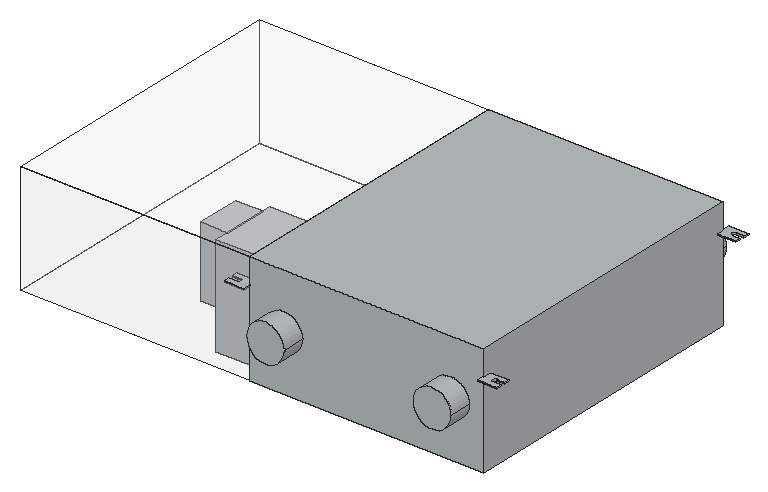
Revit family "lgh-n15_100rxw_rxv(d)-c_60Hz", category 機械設備, Revit 2019
Family settings
  丸型コネクタ寸法 = 直径を使用
  パーツ タイプ = 標準
  OmniClass 番号 = 23.75.10.34.21
  OmniClass タイトル = Heat Exchangers for Ventilation Air
  作業面ベース = いいえ
  常に垂直 = はい
  ロード時にボイドで切り取り = いいえ
  共有 = いいえ
  部屋計算ポイント = はい
Parameters (values of type "LGH-N15RXW-C_100V")
  騒音レベル(dB(A)) = 31
  風量 = 150.0 m³/h
  面風速 = 5.31 m/s
  電源種別 [instance] = "一般"
  電圧 = 100 V
  電動機出力 = 0 W
  集中コントローラ = ""
  運転質量 = 0.00 kg
  連動 [instance] = ""
  質量 = if(製品質量 > 運転質量, 製品質量, 運転質量) * 1.2  # 27.60 kg
  負荷分類 = 3_ファン類
  説明 = "業務用ロスナイ 天井埋込形 DCマイコン CO2センサー付"
  設計風量 = 0.0 m³/h
  設置方法 = "天井吊(隠ぺい)形"
  記号 [instance] = ""
  製造元 = "三菱電機株式会社"
  製品質量 = 23.00 kg
  製品出荷対象 = "国内"
  製品リリース年月 = "2020/10/1"
  製品グループ = ""
  系統 [instance] = ""
  符号 = "HEU"
  積算_科目 = "1 空気調和設備"
  積算_拾い区分 [instance] = ""
  相 = 1
  盤記号 [instance] = ""
  発停方法 [instance] = "別売リモコン"
  特殊仕様 [instance] = ""
  点検口高さ = -Height  # -290 mm
  点検口離隔 = 150 mm
  点検口_Depth = 450 mm
  点検口 = yes
  火災停止 [instance] = ""
  温度交換効率 = 74.00%
  消費電力 = 85 W
  法定耐用年数 = "15"
  機外静圧_排気 = 210.0 Pa
  機外静圧 = 210.0 Pa
  極数 = 2
  材質 [instance] = ""
  本体マテリアル = 溶融亜鉛めっき鋼板
  操作・制御方式 = ""
  操作・制御スイッチ = ""
  排気量 = 0.0 m³/h
  形式 = "天井埋込ダクト形"
  幹線記号 [instance] = ""
  対象室 [instance] = ""
  実風量 = 0.0 m³/h
  始動方式 [instance] = "直入"
  天吊金具_径 = 6.5 mm
  天吊金具_幅 = 20 mm
  外気量 = 0.0 m³/h
  呼称 = "全熱交換ユニット"
  周波数 = 60 Hz
  天吊金具ピッチ2 = 780 mm
  天吊金具ピッチ1 = 670 mm
  天吊金具_高さ = 65 mm
  参照している仕様書等のバージョン = "公共建築工事標準仕様書（機械設備工事編）平成31年度版"
  初期抵抗 = 0.0 Pa
  分類コード = "50052504100070"
  分類グループ = ""
  価格 = 402200
  企業コード = "108420"
  付属品_フィルター_還気 = ""
  付属品_フィルター = ""
  付属品 [instance] = ""
  仕様書バージョン = "Version1.0"
  モデル = "LGH-N15RXW-C"
  メンテナンススペース = yes
  コメント [instance] = ""
  Keynote = ""
  エンタルピ交換効率_暖房 = 75.50%
  エンタルピ交換効率_冷房 = 64.50%
  Assembly Code = ""
  Width = 610 mm
  Version = ""
  Uniclass2015Version = "Systems v1.9"
  Uniclass2015Title = "Thermal wheels"
  Uniclass2015Code = "Pr_60_60_36_88"
  URL = "https://www.mitsubishielectric.co.jp/ldg/wink/ssl/displayProduct.do?pid=309797"
  SpecificationReference = ""
  SpecificationDescription = ""
  Sensor_Width = 184 mm
  Sensor_D = 69 mm
  Sensor_Height = 183 mm
  Sensor_H = 14 mm
  Sensor_Depth = 115 mm
  SMAX風量 = 150.0 m³/h
  SMAX静圧 = 210.0 Pa
  SAサイズ_D = 97.5 mm
  Revision = ""
  RAサイズ_D = 97.5 mm
  ProductInformation = ""
  OmniClassCode = "23-27 23 19 11"
  OAダクト接続口方向_標準 = yes
  OAダクト接続口方向_変更 = not(OAダクト接続口方向_標準)  # no
  OAサイズ_W = 0 mm
  OAサイズ_D = 97.5 mm
  MIN風量 = 66.0 m³/h
  MIN静圧 = 35.0 Pa
  MID風量 = 108.0 m³/h
  MID静圧 = 93.0 Pa
  MAX風量 = 150.0 m³/h
  MAX静圧 = 180.0 Pa
  IfcTypeProduct = ""
  IfcProduct = ""
  IfcExportType = "ROTARYWHEEL"
  IfcExportAs = "IfcAirToAirHeatRecoveryType"
  Height = 290 mm
  EAダクト接続口方向_変更 = not(EAダクト接続口方向_標準)  # no
  EAダクト接続口方向_標準 = yes
  EAサイズ_W = 0 mm
  EAサイズ_D = 97.5 mm
  Duct_Pitch = 435 mm
  Duct_Height = 145 mm
  Duct_Depth = 59 mm
  DuctChange_Center = 118 mm
  Depth = 780 mm
  Clearance Top = 0 mm
  Clearance Left = 600 mm
  Clearance Bottom = 0 mm
  Box_Width = 115 mm
  Box_Height = 261 mm
  Box_H = 15 mm
  Box_Depth = 175 mm
  Box_D = 33 mm
  Author = "三菱電機株式会社"
Types (14, lengths in mm): name | 騒音レベル(dB(A)) | 風量 | 面風速 | 電圧 | 質量 | 製品質量 | 点検口高さ | 温度交換効率 | 消費電力 | 機外静圧_排気 | 機外静圧 | 極数 | 天吊金具ピッチ2 | 天吊金具ピッチ1 | 天吊金具_高さ | 参照している仕様書等のバージョン | 価格 | モデル | エンタルピ交換効率_暖房 | エンタルピ交換効率_冷房 | Width | URL | Sensor_D | Sensor_H | SMAX風量 | SMAX静圧 | SAサイズ_D | RAサイズ_D | OAサイズ_D | MIN風量 | MIN静圧 | MID風量 | MID静圧 | MAX風量 | MAX静圧 | Height | EAサイズ_D | Duct_Pitch | Duct_Height | Duct_Depth | DuctChange_Center | Depth | Box_H | Box_D
  LGH-N15RXW-C_100V | 31 | 150.0 m³/h | 5.31 m/s | 100 V | 27.60 kg | 23.00 kg | -290 | 74.00% | 85 W | 210.0 Pa | 210.0 Pa | 2 | 780 | 670 | 65 | "公共建築工事標準仕様書（機械設備工事編）平成31年度版" | 402200 | "LGH-N15RXW-C" | 75.50% | 64.50% | 610 | "https://www.mitsubishielectric.co.jp/ldg/wink/ssl/displayProduct.do?pid=309797" | 69 | 14 | 150.0 m³/h | 210.0 Pa | 97.5 | 97.5 | 97.5 | 66.0 m³/h | 35.0 Pa | 108.0 m³/h | 93.0 Pa | 150.0 m³/h | 180.0 Pa | 290 | 97.5 | 435 | 145 | 59 | 118 | 780 | 15 | 33
  LGH-N15RXW-C_200V | 31 | 150.0 m³/h | 5.31 m/s | 200 V | 27.60 kg | 23.00 kg | -290 | 74.00% | 85 W | 210.0 Pa | 210.0 Pa | 3 | 780 | 670 | 65 | "公共建築工事標準仕様書（機械設備工事編）平成31年度版" | 402200 | "LGH-N15RXW-C" | 75.50% | 64.50% | 610 | "https://www.mitsubishielectric.co.jp/ldg/wink/ssl/displayProduct.do?pid=309797" | 69 | 14 | 150.0 m³/h | 210.0 Pa | 97.5 | 97.5 | 97.5 | 66.0 m³/h | 35.0 Pa | 108.0 m³/h | 93.0 Pa | 150.0 m³/h | 180.0 Pa | 290 | 97.5 | 435 | 145 | 59 | 118 | 780 | 15 | 33
  LGH-N25RXW-C_100V | 30 | 250.0 m³/h | 3.93 m/s | 100 V | 28.80 kg | 24.00 kg | -290 | 70.00% | 110 W | 170.0 Pa | 170.0 Pa | 2 | 780 | 795 | 65 | "公共建築工事標準仕様書（機械設備工事編）平成31年度版" | 422200 | "LGH-N25RXW-C" | 73.00% | 63.00% | 735 | "https://www.mitsubishielectric.co.jp/ldg/wink/ssl/displayProduct.do?pid=309793" | 69 | 14 | 250.0 m³/h | 170.0 Pa | 142 | 142 | 142 | 110.0 m³/h | 28.0 Pa | 180.0 m³/h | 75.0 Pa | 250.0 m³/h | 145.0 Pa | 290 | 142 | 520 | 145 | 69 | 118 | 780 | 15 | 33
  LGH-N25RXW-C_200V | 30 | 250.0 m³/h | 3.93 m/s | 200 V | 28.80 kg | 24.00 kg | -290 | 70.00% | 110 W | 170.0 Pa | 170.0 Pa | 3 | 780 | 795 | 65 | "公共建築工事標準仕様書（機械設備工事編）平成31年度版" | 422200 | "LGH-N25RXW-C" | 73.00% | 63.00% | 735 | "https://www.mitsubishielectric.co.jp/ldg/wink/ssl/displayProduct.do?pid=309793" | 69 | 14 | 250.0 m³/h | 170.0 Pa | 142 | 142 | 142 | 110.0 m³/h | 28.0 Pa | 180.0 m³/h | 75.0 Pa | 250.0 m³/h | 145.0 Pa | 290 | 142 | 520 | 145 | 69 | 118 | 780 | 15 | 33
  LGH-N35RXW-C_100V | 33 | 350.0 m³/h | 5.5 m/s | 100 V | 39.60 kg | 33.00 kg | -330 | 71.50% | 210 W | 300.0 Pa | 300.0 Pa | 2 | 890 | 935 | 70 | "公共建築工事標準仕様書（機械設備工事編）平成31年度版" | 445200 | "LGH-N35RXW-C" | 74.50% | 65.50% | 875 | "https://www.mitsubishielectric.co.jp/ldg/wink/ssl/displayProduct.do?pid=309794" | 104 | 22 | 350.0 m³/h | 300.0 Pa | 142 | 142 | 142 | 154.0 m³/h | 36.0 Pa | 252.0 m³/h | 96.0 Pa | 350.0 m³/h | 185.0 Pa | 330 | 142 | 600 | 165 | 69 | 140 | 890 | 23 | 68
  LGH-N35RXW-C_200V | 33 | 350.0 m³/h | 5.5 m/s | 200 V | 39.60 kg | 33.00 kg | -330 | 71.50% | 210 W | 300.0 Pa | 300.0 Pa | 3 | 890 | 935 | 70 | "公共建築工事標準仕様書（機械設備工事編）平成31年度版" | 445200 | "LGH-N35RXW-C" | 74.50% | 65.50% | 875 | "https://www.mitsubishielectric.co.jp/ldg/wink/ssl/displayProduct.do?pid=309794" | 104 | 22 | 350.0 m³/h | 300.0 Pa | 142 | 142 | 142 | 154.0 m³/h | 36.0 Pa | 252.0 m³/h | 96.0 Pa | 350.0 m³/h | 185.0 Pa | 330 | 142 | 600 | 165 | 69 | 140 | 890 | 23 | 68
  LGH-N50RXW-C_100V | 37 | 500.0 m³/h | 4.42 m/s | 100 V | 44.40 kg | 37.00 kg | -330 | 71.00% | 315 W | 310.0 Pa | 310.0 Pa | 2 | 890 | 1080 | 70 | "公共建築工事標準仕様書（機械設備工事編）平成31年度版" | 503200 | "LGH-N50RXW-C" | 73.00% | 63.00% | 1020 | "https://www.mitsubishielectric.co.jp/ldg/wink/ssl/displayProduct.do?pid=309795" | 104 | 22 | 500.0 m³/h | 310.0 Pa | 192 | 192 | 192 | 220.0 m³/h | 37.0 Pa | 360.0 m³/h | 98.0 Pa | 500.0 m³/h | 190.0 Pa | 330 | 192 | 700 | 165 | 84 | 130 | 890 | 23 | 68
  LGH-N50RXW-C_200V | 37 | 500.0 m³/h | 4.42 m/s | 200 V | 44.40 kg | 37.00 kg | -330 | 71.00% | 315 W | 310.0 Pa | 310.0 Pa | 3 | 890 | 1080 | 70 | "公共建築工事標準仕様書（機械設備工事編）平成31年度版" | 503200 | "LGH-N50RXW-C" | 73.00% | 63.00% | 1020 | "https://www.mitsubishielectric.co.jp/ldg/wink/ssl/displayProduct.do?pid=309795" | 104 | 22 | 500.0 m³/h | 310.0 Pa | 192 | 192 | 192 | 220.0 m³/h | 37.0 Pa | 360.0 m³/h | 98.0 Pa | 500.0 m³/h | 190.0 Pa | 330 | 192 | 700 | 165 | 84 | 130 | 890 | 23 | 68
  LGH-N65RXW-C_100V | 40 | 650.0 m³/h | 5.75 m/s | 100 V | 51.60 kg | 43.00 kg | -404 | 71.50% | 445 W | 320.0 Pa | 320.0 Pa | 2 | 984 | 952 | 76 | "公共建築工事標準仕様書（機械設備工事編）平成31年度版" | 608200 | "LGH-N65RXW-C" | 72.00% | 63.00% | 892 | "https://www.mitsubishielectric.co.jp/ldg/wink/ssl/displayProduct.do?pid=309796" | 107 | 56 | 650.0 m³/h | 320.0 Pa | 192 | 192 | 192 | 286.0 m³/h | 45.0 Pa | 468.0 m³/h | 119.0 Pa | 650.0 m³/h | 230.0 Pa | 404 | 192 | 620 | 202 | 84 | 122 | 984 | 57 | 71
  LGH-N65RXW-C_200V | 40 | 650.0 m³/h | 5.75 m/s | 200 V | 51.60 kg | 43.00 kg | -404 | 71.50% | 445 W | 320.0 Pa | 320.0 Pa | 3 | 984 | 952 | 76 | "公共建築工事標準仕様書（機械設備工事編）平成31年度版" | 608200 | "LGH-N65RXW-C" | 72.00% | 63.00% | 892 | "https://www.mitsubishielectric.co.jp/ldg/wink/ssl/displayProduct.do?pid=309796" | 107 | 56 | 650.0 m³/h | 320.0 Pa | 192 | 192 | 192 | 286.0 m³/h | 45.0 Pa | 468.0 m³/h | 119.0 Pa | 650.0 m³/h | 230.0 Pa | 404 | 192 | 620 | 202 | 84 | 122 | 984 | 57 | 71
  LGH-N80RXV-C | 40 | 800.0 m³/h | 4.53 m/s | 100 V | 63.60 kg | 53.00 kg | -404 | 73.00% | 540 W | 310.0 Pa | 310.0 Pa | 2 | 1144 | 1064 | 76 | "公共建築工事標準仕様書（機械設備工事編）平成31年度版" | 688200 | "LGH-N80RXV-C" | 75.00% | 65.00% | 1004 | "https://www.mitsubishielectric.co.jp/ldg/wink/ssl/displayProduct.do?pid=309787" | 182 | 87 | 800.0 m³/h | 310.0 Pa | 242 | 242 | 242 | 352.0 m³/h | 37.0 Pa | 576.0 m³/h | 98.0 Pa | 800.0 m³/h | 190.0 Pa | 404 | 242 | 690 | 202 | 84 | 165 | 1144 | 88 | 146
  LGH-N80RXVD-C | 40 | 800.0 m³/h | 4.53 m/s | 200 V | 63.60 kg | 53.00 kg | -404 | 73.00% | 540 W | 310.0 Pa | 310.0 Pa | 3 | 1144 | 1064 | 76 | "公共建築工事標準仕様書（機械設備工事編）平成31年度版" | 688200 | "LGH-N80RXVD-C" | 75.00% | 65.00% | 1004 | "https://www.mitsubishielectric.co.jp/ldg/wink/ssl/displayProduct.do?pid=309791" | 182 | 87 | 800.0 m³/h | 310.0 Pa | 242 | 242 | 242 | 352.0 m³/h | 37.0 Pa | 576.0 m³/h | 98.0 Pa | 800.0 m³/h | 190.0 Pa | 404 | 242 | 690 | 202 | 84 | 165 | 1144 | 88 | 146
  LGH-N100RXV-C | 38 | 1000.0 m³/h | 5.66 m/s | 100 V | 69.60 kg | 58.00 kg | -404 | 73.00% | 580 W | 225.0 Pa | 225.0 Pa | 2 | 1144 | 1291 | 76 | "" | 757200 | "LGH-N100RXV-C" | 75.00% | 65.00% | 1231 | "https://www.mitsubishielectric.co.jp/ldg/wink/ssl/displayProduct.do?pid=309788" | 182 | 87 | 1000.0 m³/h | 225.0 Pa | 242 | 242 | 242 | 440.0 m³/h | 32.0 Pa | 720.0 m³/h | 86.0 Pa | 1000.0 m³/h | 165.0 Pa | 404 | 242 | 917 | 202 | 84 | 165 | 1144 | 88 | 146
  LGH-N100RXVD-C | 38 | 1000.0 m³/h | 5.66 m/s | 200 V | 69.60 kg | 58.00 kg | -404 | 73.00% | 580 W | 225.0 Pa | 225.0 Pa | 3 | 1144 | 1291 | 76 | "" | 757200 | "LGH-N100RXVD-C" | 75.00% | 65.00% | 1231 | "https://www.mitsubishielectric.co.jp/ldg/wink/ssl/displayProduct.do?pid=309789" | 182 | 87 | 1000.0 m³/h | 225.0 Pa | 242 | 242 | 242 | 440.0 m³/h | 32.0 Pa | 720.0 m³/h | 86.0 Pa | 1000.0 m³/h | 165.0 Pa | 404 | 242 | 917 | 202 | 84 | 165 | 1144 | 88 | 146
Reference planes
  plane 1 "中心(正面/背面)": y = 0
  plane 2: z = 0
  plane 3 "中心(左/右)": x = 0
  plane 4: x = -305
  plane 5: x = 305
  plane 6: y = 390
  plane 7: y = -390
  plane 8: z = -290
  plane 9: z = -145
  plane 10: x = -217.5
  plane 11: x = 217.5
  plane 12: y = -449
  plane 13: y = 449
  plane 14: y = 272
  plane 15: x = -364
  plane 16: x = 364
  plane 17: x = -905
  plane 18: y = -357
  plane 19: y = -182
  plane 20: z = -15
  plane 21: z = -276
  plane 22: x = -420
  plane 23: x = -455
  plane 24: y = 225
  plane 25: x = -335
  plane 26: x = 335
  plane 27: y = 390
  plane 28: y = -390
  plane 29: y = -225
  plane 30: x = -355
  plane 31: y = 410
  plane 32: y = 370
  plane 33: y = -370
  plane 34: y = -410
  plane 35: z = -5
  plane 36: z = -65
  plane 37: z = -68
  plane 38: x = 355
  plane 39: y = -321
  plane 40: y = -206
  plane 41: z = -14
  plane 42: z = -197
  plane 43: x = -489
  plane 44: z = -290
  plane 45: z = 0
Forms (mm)
  Extrusion 1, solid, material "溶融亜鉛めっき鋼板" <- "本体マテリアル", detail levels fine
    sketch origin (0, 0, 0) x (1, 0, 0) y (0, 1, 0)
      loop
        line (-305, 390) -> (-305, -390) -> (305, -390) -> (305, 390) -> (-305, 390)
    from 0 to -290
  Extrusion 2, solid, material "溶融亜鉛めっき鋼板" <- "本体マテリアル", detail levels fine
    sketch origin (510, -445, 0) x (-1, 0, 0) y (0, 0, -1)
      loop
        circle (292.5, 145) r 48.75
    from -55 to 4
  Extrusion 3, solid, material "溶融亜鉛めっき鋼板" <- "本体マテリアル", detail levels fine
    sketch origin (-305, -390, 0) x (0, 1, 0) y (0, 0, -1)
      loop
        line (208, 15) -> (208, 276) -> (33, 276) -> (33, 15) -> (208, 15)
    from 0 to 115
  Extrusion 4, solid, material "溶融亜鉛めっき鋼板" <- "本体マテリアル", detail levels fine
    sketch origin (0, 0, 0) x (1, 0, 0) y (0, 1, 0)
      loop
        line (-355, 410) -> (-355, 396.5) -> (-335, 396.5)
        arc (-335, 396.5) -> (-328.5, 390) -> (-335, 383.5) r 6.5
        line (-335, 383.5) -> (-355, 383.5) -> (-355, 370) -> (-305, 370) -> (-305, 410) -> (-355, 410)
    from -65 to -68
  Extrusion 5, solid, material "溶融亜鉛めっき鋼板" <- "本体マテリアル", detail levels fine
    sketch origin (0, 0, 0) x (1, 0, 0) y (0, 1, 0)
      loop
        line (-355, -410) -> (-305, -410) -> (-305, -370) -> (-355, -370) -> (-355, -383.5) -> (-335, -383.5)
        arc (-335, -383.5) -> (-328.5, -390) -> (-335, -396.5) r 6.5
        line (-335, -396.5) -> (-355, -396.5) -> (-355, -410)
    from -65 to -68
  Extrusion 6, solid, material "溶融亜鉛めっき鋼板" <- "本体マテリアル", detail levels fine
    sketch origin (0, 0, 0) x (-1, 0, 0) y (0, -1, 0)
      loop
        line (-355, 410) -> (-355, 396.5) -> (-335, 396.5)
        arc (-335, 396.5) -> (-328.5, 390) -> (-335, 383.5) r 6.5
        line (-335, 383.5) -> (-355, 383.5) -> (-355, 370) -> (-305, 370) -> (-305, 410) -> (-355, 410)
    from -65 to -68
  Extrusion 7, solid, material "溶融亜鉛めっき鋼板" <- "本体マテリアル", detail levels fine
    sketch origin (0, 0, 0) x (-1, 0, 0) y (0, -1, 0)
      loop
        line (-355, -410) -> (-305, -410) -> (-305, -370) -> (-355, -370) -> (-355, -383.5) -> (-335, -383.5)
        arc (-335, -383.5) -> (-328.5, -390) -> (-335, -396.5) r 6.5
        line (-335, -396.5) -> (-355, -396.5) -> (-355, -410)
    from -65 to -68
  Extrusion 8, solid, material "溶融亜鉛めっき鋼板" <- "本体マテリアル", visible <- "EAダクト接続口方向_標準", detail levels fine
    sketch origin (510, 445, 0) x (-1, 0, 0) y (0, 0, 1)
      loop
        circle (292.5, -145) r 48.75
    from -55 to 4
  Extrusion 9, solid, material "溶融亜鉛めっき鋼板" <- "本体マテリアル", visible <- "OAダクト接続口方向_標準", detail levels fine
    sketch origin (-510, 445, 0) x (1, 0, 0) y (0, 0, -1)
      loop
        circle (292.5, 145) r 48.75
    from -55 to 4
  Extrusion 10, solid, material "溶融亜鉛めっき鋼板" <- "本体マテリアル", detail levels fine
    sketch origin (-510, -445, 0) x (1, 0, 0) y (0, 0, 1)
      loop
        circle (292.5, -145) r 48.75
    from -55 to 4
  Extrusion 11, solid, material "溶融亜鉛めっき鋼板" <- "本体マテリアル", visible <- "EAダクト接続口方向_変更", detail levels fine
    sketch origin (0, 0, 0) x (0, 1, 0) y (0, 0, 1)
      loop
        circle (272, -145) r 48.75
    from 305 to 364
  Extrusion 12, solid, material "溶融亜鉛めっき鋼板" <- "本体マテリアル", visible <- "OAダクト接続口方向_変更", detail levels fine
    sketch origin (0, 0, 0) x (0, 1, 0) y (0, 0, -1)
      loop
        circle (272, 145) r 48.75
    from 305 to 364
  Extrusion 13, solid, material "溶融亜鉛めっき鋼板" <- "本体マテリアル"
    sketch origin (0, 0, 0) x (0, 1, 0) y (0, 0, 1)
      loop
        line (-206, -14) -> (-321, -14) -> (-321, -197) -> (-206, -197) -> (-206, -14)
    from -489 to -420
Lines and regions (mm)
  Masking region 1, detail levels coarse+medium
    outline origin (1326.5, 29, 0) x (1, 0, 0) y (0, 1, 0)
      loop
        line (-1631.5, 361) -> (-1631.5, -419) -> (-1021.5, -419) -> (-1021.5, 361) -> (-1631.5, 361)
  symbolic lines, detail levels coarse+medium
    curve 1: line (0, 390, 0) -> (-305, 0, 0)
    curve 2: line (-305, 0, 0) -> (0, -390, 0)
    curve 3: line (0, -390, 0) -> (305, 0, 0)
    curve 4: line (305, 0, 0) -> (0, 390, 0)
Dimensions and locks
  equal spacing: plane 4, plane 3 "中心(左/右)", plane 5
  "Width": plane 4 to plane 5
  equal spacing: plane 6, plane 1 "中心(正面/背面)", plane 7
  "Depth": plane 6 to plane 7
  "Height": level to plane 8
  "Duct_Height": level to plane 9
  equal spacing: plane 11, plane 3 "中心(左/右)", plane 10
  "Duct_Pitch": plane 11 to plane 10
  "Duct_Depth": plane 13 to plane 6
  "Duct_Depth": plane 7 to plane 12
  "DuctChange_Center": plane 6 to plane 14
  "Duct_Depth": plane 5 to plane 16
  "Duct_Depth": plane 15 to plane 4
  "Clearance Left": plane 17 to plane 4
  "Box_H": level to plane 20
  "Box_Height": plane 20 to plane 21
  "Box_D": plane 18 to plane 7
  "Box_Depth": plane 19 to plane 18
  "Box_Width": plane 22 to plane 4
  "点検口離隔": plane 23 to plane 4
  equal spacing: plane 25, plane 3 "中心(左/右)", plane 26
  "天吊金具ピッチ1": plane 25 to plane 26
  equal spacing: plane 27, plane 1 "中心(正面/背面)", plane 28
  "天吊金具ピッチ2": plane 27 to plane 28
  equal spacing: plane 24, plane 1 "中心(正面/背面)", plane 29
  "点検口_Depth": plane 24 to plane 29
  equal spacing: plane 31, plane 27, plane 32
  locked: plane 31 to plane 32 at 40
  "天吊金具_幅": plane 30 to plane 25
  "天吊金具_高さ": level to plane 36
  locked: plane 36 to plane 37 at 3
  equal spacing: plane 33, plane 28, plane 34
  locked: plane 33 to plane 34 at 40
  "天吊金具_幅": plane 26 to plane 38
  "Sensor_D": plane 39 to plane 28
  "Sensor_Depth": plane 40 to plane 39
  "Sensor_H": level to plane 41
  "Sensor_Height": plane 41 to plane 42
  "Sensor_Width": plane 43 to plane 4
  "Clearance Top": plane 45 to level
  "Clearance Bottom": plane 8 to plane 44
  "RAサイズ_D": diameter of Extrusion 2 sketch curve
  "天吊金具_径": radius of Extrusion 4 sketch curve
  "天吊金具_径": radius of Extrusion 5 sketch curve
  "天吊金具_径": radius of Extrusion 6 sketch curve
  "天吊金具_径": radius of Extrusion 7 sketch curve
  "EAサイズ_D": diameter of Extrusion 8 sketch curve
  "OAサイズ_D": diameter of Extrusion 9 sketch curve
  "SAサイズ_D": diameter of Extrusion 10 sketch curve
  "EAサイズ_D": diameter of Extrusion 11 sketch curve
  "EAサイズ_D": diameter of Extrusion 12 sketch curve
  aligned and locked: level to plane 2
  aligned and locked: Extrusion 1 to plane 8
  aligned and locked: plane 7 to Extrusion 2
  aligned and locked: Extrusion 2 to plane 12
  aligned and locked: plane 17 to nested 1
  aligned and locked: plane 4 to nested 1
  aligned and locked: nested 1 to plane 6
  aligned and locked: nested 1 to plane 7
  aligned and locked: Extrusion 3 to plane 22
  aligned and locked: plane 4 to Extrusion 3
  aligned and locked: Masking region 1 to plane 4
  aligned and locked: plane 5 to Masking region 1
  aligned and locked: plane 6 to Masking region 1
  aligned and locked: Masking region 1 to plane 7
  aligned and locked: plane 26 to nested 2
  aligned and locked: plane 25 to nested 2
  aligned and locked: nested 2 to plane 28
  aligned and locked: plane 27 to nested 2
  aligned and locked: Extrusion 3 to plane 19
  aligned and locked: Extrusion 3 to plane 21
  aligned and locked: plane 20 to Extrusion 3
  aligned and locked: plane 18 to Extrusion 3
  aligned and locked: plane 23 to nested 3
  aligned and locked: plane 17 to nested 3
  aligned and locked: plane 24 to nested 3
  aligned and locked: nested 3 to plane 29
  aligned and locked: plane 4 to Extrusion 4
  aligned and locked: Extrusion 4 to plane 30  (x2)
  aligned and locked: plane 31 to Extrusion 4
  aligned and locked: Extrusion 4 to plane 36
  aligned and locked: Extrusion 4 to plane 37
  aligned and locked: plane 4 to Extrusion 5
  aligned and locked: plane 33 to Extrusion 5
  aligned and locked: Extrusion 5 to plane 34
  aligned and locked: Extrusion 5 to plane 30  (x2)
  aligned and locked: Extrusion 5 to Extrusion 4  (x2)
  aligned and locked: Extrusion 7 to plane 38  (x2)
  aligned and locked: Extrusion 7 to plane 32
  aligned and locked: plane 31 to Extrusion 7
  aligned and locked: Extrusion 6 to plane 38
  aligned and locked: Extrusion 6 to plane 34
  aligned and locked: Extrusion 6 to plane 5
  aligned and locked: plane 33 to Extrusion 6
  aligned and locked: Extrusion 6 to plane 37
  aligned and locked: plane 36 to Extrusion 6
  aligned and locked: Extrusion 7 to plane 37
  aligned and locked: plane 36 to Extrusion 7
  aligned and locked: plane 13 to Extrusion 8
  aligned and locked: Extrusion 8 to plane 6
  aligned and locked: plane 13 to Extrusion 9
  aligned and locked: Extrusion 9 to plane 6
  aligned and locked: Extrusion 10 to plane 12
  aligned and locked: plane 7 to Extrusion 10
  aligned and locked: plane 16 to Extrusion 11
  aligned and locked: Extrusion 11 to plane 5
  aligned and locked: plane 4 to Extrusion 12
  aligned and locked: Extrusion 12 to plane 15
  aligned and locked: plane 41 to Extrusion 13 sketch curve
  aligned and locked: Extrusion 13 sketch curve to plane 40
  aligned and locked: Extrusion 13 sketch curve to plane 42
  aligned and locked: plane 39 to Extrusion 13 sketch curve
  aligned and locked: Extrusion 13 to plane 43
  aligned and locked: Extrusion 13 to Extrusion 3
  aligned and locked: plane 44 to nested 1
  aligned and locked: plane 45 to nested 1
Automatic sketch dimensions
  plane 1 "中心(正面/背面)" to curve 1 = 0 mm
  curve 1 to plane 4 = 0 mm
  curve 2 to plane 3 "中心(左/右)" = 0 mm
  curve 4 to plane 3 "中心(左/右)" = 0 mm
  plane 1 "中心(正面/背面)" to curve 4 = 0 mm
  curve 4 to plane 5 = 0 mm
  curve 2 to plane 7 = 0 mm
  curve 4 to plane 6 = 0 mm
  Extrusion 1 sketch curve to plane 4 = 0 mm
  Extrusion 1 sketch curve to plane 5 = 0 mm
  Extrusion 1 sketch curve to plane 7 = 0 mm
  Extrusion 1 sketch curve to plane 6 = 0 mm
  Extrusion 2 sketch curve to plane 9 = 0 mm
  Extrusion 2 sketch curve to plane 11 = 0 mm
  Extrusion 3 sketch curve to Extrusion 1 = 33 mm
  Extrusion 1 to Extrusion 3 sketch curve = 14 mm
  Extrusion 3 sketch curve to Extrusion 3 sketch curve = 175 mm
  Extrusion 1 to Extrusion 3 sketch curve = 15 mm
  Masking region 1 sketch curve to plane 4 = 0 mm
  Masking region 1 sketch curve to plane 5 = 0 mm
  Masking region 1 sketch curve to plane 7 = 0 mm
  Masking region 1 sketch curve to plane 6 = 0 mm
  Extrusion 8 sketch curve to plane 9 = 0 mm
  Extrusion 8 sketch curve to plane 11 = 0 mm
  Extrusion 9 sketch curve to plane 9 = 0 mm
  Extrusion 9 sketch curve to plane 10 = 0 mm
  Extrusion 10 sketch curve to plane 9 = 0 mm
  Extrusion 10 sketch curve to plane 10 = 0 mm
  Extrusion 11 sketch curve to plane 9 = 0 mm
  Extrusion 11 sketch curve to plane 14 = 0 mm
  Extrusion 12 sketch curve to plane 9 = 0 mm
  Extrusion 12 sketch curve to plane 14 = 0 mm
  Extrusion 4 sketch curve to plane 30 = 0 mm  (x2)
  Extrusion 4 sketch curve to plane 25 = 0 mm
  Extrusion 4 sketch curve to plane 4 = 0 mm
  Extrusion 4 sketch curve to plane 32 = 0 mm
  Extrusion 4 sketch curve to plane 6 = 0 mm
  Extrusion 4 sketch curve to plane 31 = 0 mm
  Extrusion 5 sketch curve to plane 30 = 0 mm  (x2)
  Extrusion 5 sketch curve to plane 25 = 0 mm
  Extrusion 5 sketch curve to plane 4 = 0 mm
  Extrusion 5 sketch curve to plane 33 = 0 mm
  Extrusion 5 sketch curve to plane 7 = 0 mm
  Extrusion 5 sketch curve to plane 34 = 0 mm
  Extrusion 6 sketch curve to plane 34 = 0 mm
  Extrusion 6 sketch curve to plane 38 = 0 mm  (x2)
  Extrusion 6 sketch curve to plane 26 = 0 mm
  Extrusion 6 sketch curve to plane 5 = 0 mm
  Extrusion 6 sketch curve to plane 33 = 0 mm
  Extrusion 6 sketch curve to plane 7 = 0 mm
  Extrusion 7 sketch curve to plane 31 = 0 mm
  Extrusion 7 sketch curve to plane 38 = 0 mm  (x2)
  Extrusion 7 sketch curve to plane 26 = 0 mm
  Extrusion 7 sketch curve to plane 5 = 0 mm
  Extrusion 7 sketch curve to plane 32 = 0 mm
  Extrusion 7 sketch curve to plane 6 = 0 mm
Nested families
  nested 1: "メンテナンススペース" at (-605, 0, -145), visible <- "メンテナンススペース", type "メンテナンススペース"
    with Width 600 mm, Height 290 mm, Depth 780 mm
  nested 2: "固定点" at (-335, -390, 0), type "固定点"
    with W 670 mm, D 780 mm
  nested 3: "点検口設置範囲" at (-680, 0, -290), built-in parameter 1001364 <- "点検口高さ", visible <- "点検口", type "点検口設置範囲"
    with Width 450 mm, Depth 450 mm
Connectors
  hvac at (217.5, -449, -145), driven by "RAサイズ_D", driven by "機外静圧", driven by "風量"
    settings: on Extrusion 2, index 2, duct flow 150.0 m³/h, flow factor 0, pres drop 210.0 Pa, loss coef 0, conn angle 0.00°, conn width 304.8 mm, conn height 304.8 mm, conn diameter 97.5 mm, duct sys type 2, conn prof type 0, flow config 0, flow direction 1, loss method 4, conn ref index -1, conn util no, is conn primary yes, conn desc ""
  electrical at (-362.5, -357, -145.5), driven by "負荷分類", driven by "相", driven by "電圧", driven by "消費電力"
    settings: on Extrusion 3, index 7, voltage 100 V, apparent load 85 VA, apparent load phase1 0 VA, apparent load phase2 0 VA, apparent load phase3 0 VA, power factor 1, load classification "3_ファン類", number of poles 1, system type 30, power factor state 1, is connector primary yes, connector utility no, sub classification motor no, connector description ""
  hvac at (217.5, 449, -145), driven by "EAサイズ_D", driven by "排気量", driven by "機外静圧_排気"
    settings: on Extrusion 8, index 8, duct flow 0.0 m³/h, flow factor 0, pres drop 210.0 Pa, loss coef 0, conn angle 0.00°, conn width 304.8 mm, conn height 304.8 mm, conn diameter 97.5 mm, duct sys type 3, conn prof type 0, flow config 0, flow direction 2, loss method 4, conn ref index -1, conn util no, is conn primary no, conn desc ""
  hvac at (-217.5, 449, -145), driven by "OAサイズ_D", driven by "外気量", driven by "機外静圧"
    settings: on Extrusion 9, index 9, duct flow 0.0 m³/h, flow factor 0, pres drop 210.0 Pa, loss coef 0, conn angle 0.00°, conn width 304.8 mm, conn height 304.8 mm, conn diameter 97.5 mm, duct sys type 4, conn prof type 0, flow config 0, flow direction 1, loss method 4, conn ref index -1, conn util no, is conn primary no, conn desc ""
  hvac at (-217.5, -449, -145), driven by "SAサイズ_D", driven by "風量", driven by "機外静圧"
    settings: on Extrusion 10, index 10, duct flow 150.0 m³/h, flow factor 0, pres drop 210.0 Pa, loss coef 0, conn angle 0.00°, conn width 304.8 mm, conn height 304.8 mm, conn diameter 97.5 mm, duct sys type 1, conn prof type 0, flow config 0, flow direction 2, loss method 4, conn ref index -1, conn util no, is conn primary no, conn desc ""
  hvac at (364, 272, -145), driven by "EAサイズ_D", driven by "機外静圧_排気", driven by "排気量"
    settings: on Extrusion 11, index 11, duct flow 0.0 m³/h, flow factor 0, pres drop 210.0 Pa, loss coef 0, conn angle 0.00°, conn width 304.8 mm, conn height 304.8 mm, conn diameter 97.5 mm, duct sys type 3, conn prof type 0, flow config 0, flow direction 2, loss method 4, conn ref index -1, conn util no, is conn primary no, conn desc ""
  hvac at (-364, 272, -145), driven by "EAサイズ_D", driven by "機外静圧", driven by "外気量"
    settings: on Extrusion 12, index 12, duct flow 0.0 m³/h, flow factor 0, pres drop 210.0 Pa, loss coef 0, conn angle 0.00°, conn width 304.8 mm, conn height 304.8 mm, conn diameter 97.5 mm, duct sys type 4, conn prof type 0, flow config 0, flow direction 1, loss method 4, conn ref index -1, conn util no, is conn primary no, conn desc ""
Definition of nested family "メンテナンススペース"
  Parameters (values of type "メンテナンススペース")
    Width [instance] = 500 mm
    Height [instance] = 500 mm
    Depth [instance] = 500 mm
  Reference planes
    plane 1 "中心(正面/背面)": y = 0
    plane 2: z = 0
    plane 3 "中心(左/右)": x = 0
    plane 4: y = -250
    plane 5: x = 250
    plane 6: y = 250
    plane 7: x = -250
    plane 8: z = 250
    plane 9: z = -250
  Forms (mm)
    Extrusion 1, solid
      sketch origin (-638.939, 0, 72.39) x (1, 0, 0) y (0, 1, 0)
        loop
          line (388.939, 250) -> (388.939, -250) -> (888.939, -250) -> (888.939, 250) -> (388.939, 250)
      from -322.39 to 177.61
  Lines and regions (mm)
    symbolic lines
      curve 1: line (-250, 0, 250) -> (250, 0, 250)
      curve 2: line (-250, 0, -250) -> (-250, 0, 250)
      curve 3: line (250, 0, -250) -> (-250, 0, -250)
      curve 4: line (250, 0, 250) -> (250, 0, -250)
      curve 5: line (0, -250, 250) -> (0, 250, 250)
      curve 6: line (0, -250, -250) -> (0, -250, 250)
      curve 7: line (0, 250, -250) -> (0, -250, -250)
      curve 8: line (0, 250, 250) -> (0, 250, -250)
      curve 9: line (-250, 250, 0) -> (250, 250, 0)
      curve 10: line (-250, -250, 0) -> (-250, 250, 0)
      curve 11: line (250, -250, 0) -> (-250, -250, 0)
      curve 12: line (250, 250, 0) -> (250, -250, 0)
  Dimensions and locks
    equal spacing: plane 7, plane 3 "中心(左/右)", plane 5
    equal spacing: plane 4, plane 1 "中心(正面/背面)", plane 6
    "Depth": plane 4 to plane 6
    "Width": plane 7 to plane 5
    equal spacing: plane 8, plane 2, plane 9
    "Height": plane 8 to plane 9
    aligned and locked: plane 9 to curve 3
    aligned and locked: plane 7 to curve 2
    aligned and locked: curve 4 to plane 5
    aligned and locked: plane 5 to Extrusion 1
    aligned and locked: Extrusion 1 to plane 7
    aligned and locked: Extrusion 1 to plane 9
    aligned and locked: plane 8 to Extrusion 1
    aligned and locked: plane 9 to curve 7
  Automatic sketch dimensions
    plane 4 to Extrusion 1 sketch curve = 0 mm
    Extrusion 1 sketch curve to plane 7 = 0 mm
    Extrusion 1 sketch curve to plane 5 = 0 mm
    plane 6 to Extrusion 1 sketch curve = 0 mm
    curve 2 to plane 8 = 0 mm
    plane 4 to curve 11 = 0 mm
    curve 11 to plane 7 = 0 mm
    curve 11 to plane 5 = 0 mm
    plane 6 to curve 10 = 0 mm
    curve 7 to plane 4 = 0 mm
    curve 7 to plane 6 = 0 mm
    curve 6 to plane 8 = 0 mm
Definition of nested family "固定点"
  Parameters (values of type "固定点")
    中心円 = 20 mm
    W [instance] = 1000 mm
    D [instance] = 1000 mm
  Reference planes
    plane 1 "中心(正面/背面)": y = 0
    plane 2: z = 0
    plane 3 "中心(左/右)": x = 0
    plane 4: x = 1000
    plane 5: y = 1000
  Lines and regions (mm)
    symbolic lines, detail levels fine
      curve 1: circle (0, 1000, 0) r 10 normal (0, 0, 1)
      curve 2: circle (0, 0, 0) r 10 normal (0, 0, 1)
      curve 3: circle (1000, 1000, 0) r 10 normal (0, 0, 1)
      curve 4: circle (1000, 0, 0) r 10 normal (0, 0, 1)
      curve 5: line (-200, 1000, 0) -> (1200, 1000, 0)
      curve 6: line (-200, 0, 0) -> (1200, 0, 0)
      curve 7: line (0, 1200, 0) -> (0, -200, 0)
      curve 8: line (1000, 1200, 0) -> (1000, -200, 0)
  Dimensions and locks
    "W": plane 3 "中心(左/右)" to plane 4
    "D": plane 1 "中心(正面/背面)" to plane 5
    "中心円": diameter of curve 1
    "中心円": diameter of curve 2
    "中心円": diameter of curve 3
    "中心円": diameter of curve 4
    aligned and locked: level to plane 2
    aligned and locked: plane 5 to curve 1
    aligned and locked: plane 3 "中心(左/右)" to curve 1
    aligned and locked: plane 3 "中心(左/右)" to curve 2
    aligned and locked: plane 1 "中心(正面/背面)" to curve 2
    aligned and locked: plane 4 to curve 3
    aligned and locked: plane 5 to curve 3
    aligned and locked: plane 1 "中心(正面/背面)" to curve 4
    aligned and locked: plane 4 to curve 4
    aligned and locked: plane 1 "中心(正面/背面)" to curve 6
    aligned and locked: curve 7 to plane 3 "中心(左/右)"
    aligned and locked: curve 8 to plane 4
  Automatic sketch dimensions
    curve 5 to plane 5 = 0 mm
    curve 6 to plane 3 "中心(左/右)" = 200 mm
    curve 5 to plane 3 "中心(左/右)" = 200 mm
    curve 4 to curve 6 = 200 mm
    curve 3 to curve 5 = 200 mm
    plane 1 "中心(正面/背面)" to curve 8 = 200 mm
    plane 1 "中心(正面/背面)" to curve 7 = 200 mm
    curve 3 to curve 8 = 200 mm
    curve 1 to curve 7 = 200 mm
Definition of nested family "点検口設置範囲"
  Parameters (values of type "点検口設置範囲")
    Width [instance] = 1000 mm
    Depth [instance] = 700 mm
  Reference planes
    plane 1 "中心(正面/背面)": y = 0
    plane 2: z = 0
    plane 3 "中心(左/右)": x = 0
    plane 4: x = -500
    plane 5: x = 500
    plane 6: y = -350
    plane 7: y = 350
  Lines and regions (mm)
    model lines
      curve 1: line (-500, 350, 0) -> (500, 350, 0)
      curve 2: line (-500, -350, 0) -> (-500, 350, 0)
      curve 3: line (500, -350, 0) -> (-500, -350, 0)
      curve 4: line (500, 350, 0) -> (500, -350, 0)
  Dimensions and locks
    "Depth": plane 7 to plane 6
    "Width": plane 4 to plane 5
    equal spacing: plane 7, plane 1 "中心(正面/背面)", plane 6
    equal spacing: plane 4, plane 3 "中心(左/右)", plane 5
    aligned and locked: level to plane 2
    aligned and locked: plane 4 to curve 2
    aligned and locked: curve 1 to plane 7
    aligned and locked: curve 4 to plane 5
    aligned and locked: plane 6 to curve 3
